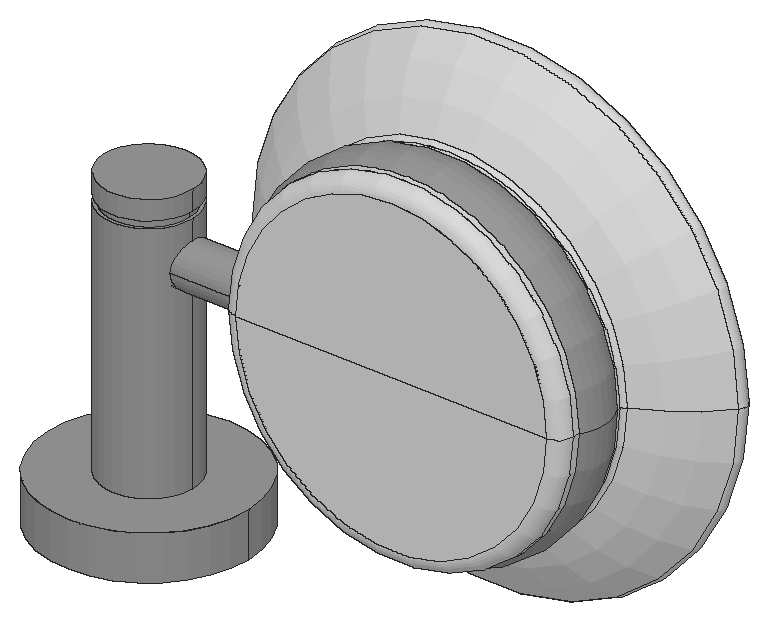
Revit family "REDE Jabonera BC0050359", category Generic Models, host Face, Revit 2014
Parameters
  MODELO = "REDE"
  MARCA = "WASSER"
  EMPRESA = "CHC COMERCIAL HISPANO CHILENA"
  Default Elevation = 1219.2 mm
  DIMENSIONES = ""
  CÓDIGO = "BC0050359"
  ACCESORIO = "JABONERA"
Reference planes
  plane 1 "Center (Front/Back)": y = 0
  plane 2: z = 0
  plane 3 "Center (Left/Right)": x = 0
  plane 4: y = -105
  plane 5: x = 100
  plane 6: x = -60
  plane 7: x = 7.5
  plane 8: x = 25
  plane 9: y = 22.5
  plane 10: y = -5.255
  plane 11: x = 117.5
  plane 12: x = 62.5
  plane 13: x = 62.5
Forms (mm)
  Extrusion 1, solid, material "Steel, Polished"
    sketch origin (0, 0, 0) x (1, 0, 0) y (0, 1, 0)
      loop
        circle (0, 0) r 22.5
    from 0 to 10
  Extrusion 2, solid, material "Steel, Polished"
    sketch origin (0, 0, 0) x (1, 0, 0) y (0, 1, 0)
      loop
        circle (0, 0) r 10
    from 0 to 70
  Extrusion 3, void
    sketch origin (0, 0, 7.77) x (1, 0, 0) y (0, 1, 0)
      loop
        circle (0, 0) r 9.204
      loop
        circle (0, 0) r 10
    from 56.36 to 57.936
  Extrusion 4, solid, material "Steel, Polished"
    sketch origin (0, 0, 0) x (0, 1, 0) y (0, 0, 1)
      loop
        circle (0, 54.889) r 5
    from 0 to 27.432
  Revolve 5, solid, material "Steel, Polished"
    sketch origin (2.411, 0, 55) x (1, 0, 0) y (0, 1, 0)
      loop
        arc (21.798, 5.293) -> (20.297, 0) -> (21.798, -5.293) r 10.089
        line (21.798, -5.293) -> (21.798, 5.293)
      axis (60.089, -5.293) -> (60.089, 5.293)
    angle from 0 to 360
  Revolve 6, solid, material "Glass, Matte"
    sketch origin (0, 0, 55) x (1, 0, 0) y (0, 1, 0)
      loop
        line (24.315, 5) -> (24.315, -6.682)
        arc (24.315, -6.682) -> (25.287, -9.028) -> (27.633, -10) r 3.318
        line (27.633, -10) -> (62.5, -10) -> (62.5, 7.504)
        arc (62.5, 7.504) -> (43.509, 7.884) -> (24.704, 10.56) r 156.663
        arc (24.704, 10.56) -> (17.264, 15.314) -> (11.164, 21.697) r 36.962
        arc (11.164, 21.697) -> (8.291, 22.087) -> (7.943, 19.208) r 2.035
        arc (7.943, 19.208) -> (15.015, 12.268) -> (23.552, 7.241) r 40.73
        arc (23.552, 7.241) -> (24.107, 6.773) -> (24.315, 6.077) r 1.269
        line (24.315, 6.077) -> (24.315, 5)
      axis (62.5, 21.697) -> (62.5, -10)
    angle from 0 to 360
Cuts and joins
  Extrusion 3 cuts Extrusion 2
Dimensions and locks
  aligned and locked: plane 2 to host face
  aligned and locked: level to host face
